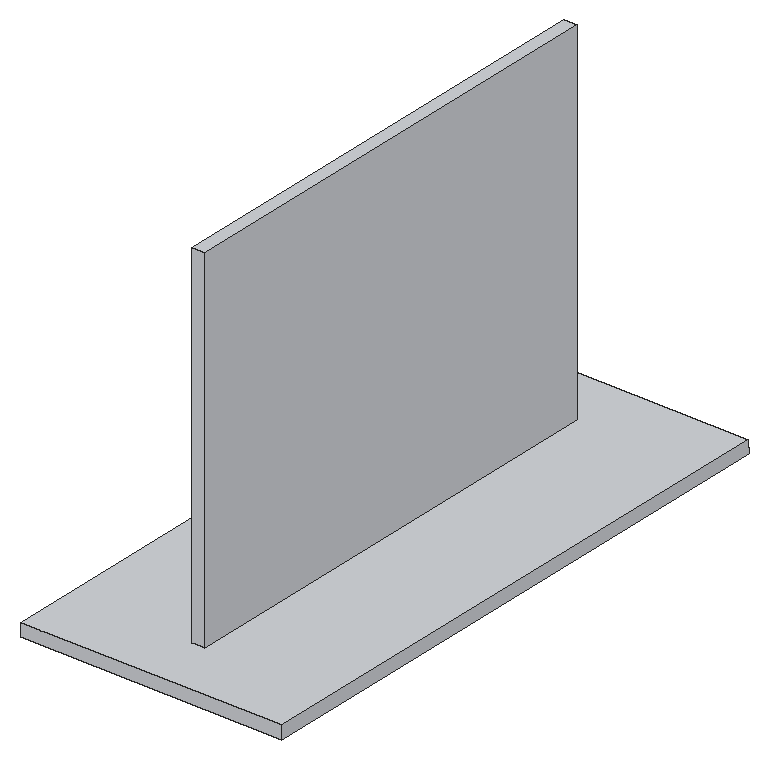
Revit family "060523 - W_P_C - Fastenings - Concealed Joist Ties", category Generic Models, Revit 2018
Family settings
  Can host rebar = No
  Round Connector Dimension = Use Diameter
  Part Type = Normal
  Work Plane-Based = Yes
  Always vertical = Yes
  Cut with Voids When Loaded = No
  Shared = No
  Room Calculation Point = No
Parameters
  OFFSET FROM SURFACE = 0' - 3"
  Material = none
  H2 = 0' - 4 7/16"
  H1 = 0' - 5 9/16"
  GAUGE = 0' - 0 1/8"
  Default Elevation = 4' - 0"
Reference planes (in)
  plane 1 "Center (Front/Back)": y = 0
  plane 2: z = 0
  plane 3 "Center (Left/Right)": x = 0
  plane 4: x = -1.25
  plane 5: x = 1.25
  plane 6: y = 2.78125
  plane 7: y = -2.78125
  plane 8: x = -0.0625
  plane 9: x = 0.0625
  plane 10: y = 2.21875
  plane 11: y = -2.21875
  plane 12: z = 0.125
  plane 13: z = 3.5
Forms (in)
  Extrusion 1, solid, material <- "Material"
    sketch origin (0, 0, 0) x (1, 0, 0) y (0, 1, 0)
      loop
        line (-1.25, 2.78125) -> (-1.25, -2.78125) -> (1.25, -2.78125) -> (1.25, 2.78125) -> (-1.25, 2.78125)
    from 0 to 0.125
  Extrusion 2, solid, material <- "Material"
    sketch origin (0, 0, 0) x (0, 1, 0) y (0, 0, 1)
      loop
        line (2.21875, 3.5) -> (-2.21875, 3.5) -> (-2.21875, 0.125) -> (2.21875, 0.125) -> (2.21875, 3.5)
    from -0.0625 to 0.0625
Dimensions and locks (in)
  equal spacing: plane 4, plane 3 "Center (Left/Right)", plane 5
  plane 4 to plane 5 = 0' - 2 1/2"
  plane 3 "Center (Left/Right)" to plane 5 = 0' - 1 1/4"
  equal spacing: plane 7, plane 1 "Center (Front/Back)", plane 6
  "H1": plane 6 to plane 7
  equal spacing: plane 8, plane 3 "Center (Left/Right)", plane 9
  "GAUGE": plane 8 to plane 9
  equal spacing: plane 10, plane 1 "Center (Front/Back)", plane 11
  "H2": plane 10 to plane 11
  "GAUGE": plane 12 to level
  plane 13 to level = 0' - 3 1/2"
  aligned and locked: plane 2 to level
  aligned and locked: Extrusion 1 sketch curve to plane 6
  aligned and locked: Extrusion 1 sketch curve to plane 5
  aligned and locked: Extrusion 1 sketch curve to plane 4
  aligned and locked: plane 12 to Extrusion 1
  aligned and locked: plane 12 to Extrusion 2 sketch curve
  aligned and locked: plane 11 to Extrusion 2 sketch curve
  aligned and locked: Extrusion 2 sketch curve to plane 10
  aligned and locked: plane 13 to Extrusion 2
  aligned and locked: Extrusion 2 to plane 8
  aligned and locked: plane 9 to Extrusion 2
Automatic sketch dimensions
  Extrusion 1 sketch curve to plane 7 = 0' - 0"
  Extrusion 2 sketch curve to Extrusion 2 sketch curve = 0' - 3 3/8"
